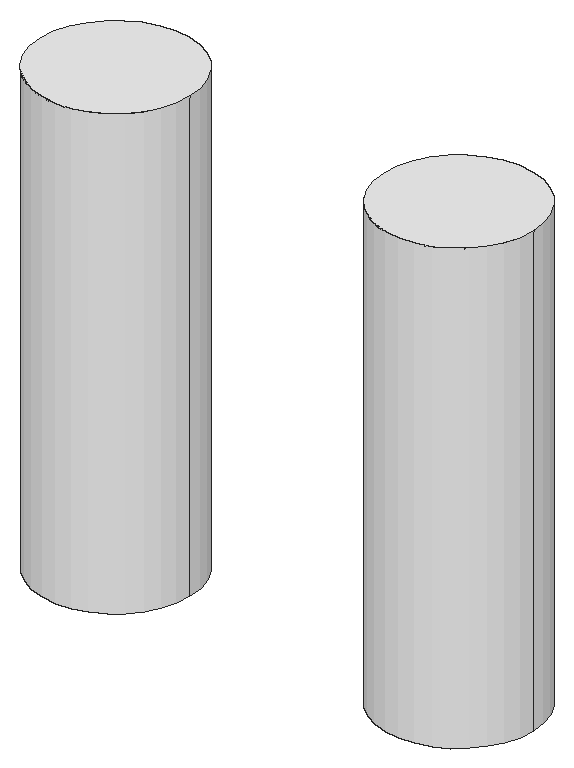
Revit family "45012283", category Plumbing Fixtures, Revit 2018
Family settings
  Round Connector Dimension = Use Diameter
  Part Type = Normal
  OmniClass Number = 23.45.55.00
  OmniClass Title = Sanitary Faucets, Wastes
  Work Plane-Based = No
  Always vertical = Yes
  Cut with Voids When Loaded = No
  Shared = No
  Room Calculation Point = No
Parameters (values of type "45012283 Washbasin faucet ")
  WorkingPressure = "50 - 1000 kPa"
  Working Pressure = "50 - 1000 kPa"
  WarrantyStartDate [instance] = "n/a"
  WarrantyGuarantorParts = "n/a"
  WarrantyGuarantorLabor = "n/a"
  WarrantyDurationUnit = "Year"
  WarrantyDurationParts = "n/a"
  WarrantyDurationLabor = "n/a"
  WarrantyDescription = "http://warranty.hansa.com"
  Warranty Information URL = "http://warranty.hansa.com"
  VersionDate = "01/07/2022"
  Version = "3"  # constant formula
  ValvePattern = "n/a"
  ValveOperation = "n/a"
  ValveMechanism = "n/a"
  Uniclass2015Reference = "Pr_40_20_87_96"
  Uniclass2015Description = "Washbasin manual water supply sets"
  Uniclass2 = "Pr_40_30_96_96"
  URL REACH = "http://static.hansa.com/doc/reach"
  URL Declaration of Conformity = "http://static.hansa.com/DoC/45012283"
  URL DVGW = "http://static.hansa.com/DVGW/45012283"
  URL ABP = "http://static.hansa.com/ABP/45012283"
  URL = ""
  UNSPSC Class Number = "30181700 Faucets or taps"
  TestPressure = "n/a"
  Temperature Adjustments = "Limitation option for maximum temperature and flow-rate ;Adjustable hot water stop (included, retrofittable)"
  Technical DataSheet URL = "http://www.hansa.com/datasheet/45012283/en"
  TagNumber [instance] = "n/a"
  SustainabilityPerformance = "n/a"
  Surface treatment = "Chrome"
  Spout Type = "Fixed spout"
  Spout Projection = "115 mm"
  Spare-Part Information URL = "http://static.hansa.com/sp/45012283"
  Size = "50x169x165 mm"
  Shape = "Sculptured"
  SerialNumber [instance] = "n/a"
  Sales Package dimensions (LxWxH) = "380 x 180 x 74"
  Revision = "2"  # constant formula
  ReplacementCost = "n/a"
  ProductInformation = "n/a"
  Product URL = "http://static.hansa.com/45012283"
  Product Image URL = "http://static.hansa.com/image/45012283"
  Product Family = "HANSAPINTO XL"
  Product Code = "45012283"
  OperatingMechanismMaterial = "n/a"
  NominalWidth = 50 mm
  NominalHeight = 165 mm
  NominalDepth = 168.5 mm
  Noise Class = "I (ISO 3822)"
  Name_en = "45012283 Washbasin faucet"
  Name = "45012283 Washbasin faucet"
  NBSReference = "45-35-70/371"
  NBSDescription = "Water supply fittings for wash basins and troughs"
  Mounting Holes = "1 hole"
  ModelReference = "45012283"
  ModelNumber = "n/a"
  Model = "45012283 Washbasin faucet"
  Mobile Product Information URL = "http://mpi.hansa.com/45012283"
  Mechanical Parts = "ø 40 mm ceramic cartridge for flow and temperature control"
  Max. Hot Water Supply = 70 °C
  Material = "Brass"
  Market = "Austria;Belgium;Czech Republic;Germany;Spain;France;International;Italy;Netherlands;Slovakia"
  ManufacturerURL = "http://www.hansa.com"
  ManufacturerName = "HANSA"
  Manufacturer = "HANSA"
  Lever Handle = "Hot/Cold symbols;Single operating lever/handle"
  Keynote = ""
  Interactive AR View URL = "https://static.hansa.com/AR/45012283"
  InstallationDate [instance] = "n/a"
  Installation and Maintenance Guide URL = "http://static.hansa.com/manual/45012283"
  Installation Type = "Deck mounted"
  InletConnectionSize = 10 mm
  IfcExportType = "FAUCET"  # constant formula
  IfcExportAs = "IfcValveType"  # constant formula
  Group = "Washbasin faucet"
  Grade = "n/a"
  FlowCoefficient = 0
  Flow Rate At 300kPa With Flow Controller = 0.1 L/s
  Flow Drawing URL = "http://static.hansa.com/flowchart/45012283"
  Finish = "Polished"
  Features = "Single-lever"
  FaucetMainMaterial = Brass
  FDV Document URL = "http://www.hansa.com/datasheet/45012283/en/fdv"
  Extensions = "Pop-up waste with draw-rod"
  ExpectedLife = "n/a"
  ETIM Class Number = "EC011328 Washbasin mixing tap"
  EN Standard = "EN 817"
  EAN Number = "4057304005596"
  DurationUnit = "Year"
  Dimension Drawing URL = "http://static.hansa.com/dimdrw/45012283"
  Description = ""
  DefaultElevation [instance] = 900 mm
  Constituents = "n/a"
  Connection Size = "G3/8"
  Connection = "Flexible inlet pipes"
  Color = "Chrome"
  CodePerformance = "n/a"
  CloseOffRating = 0
  Category = "Bathroom"
  Catalog Drawing URL = "http://static.hansa.com/catdrw/45012283"
  Brand = "HANSA"
  BodyMaterial = "Brass"
  Barcode [instance] = "n/a"
  Backflow Prevention EN1717 = "AA"
  BIMObjectName = "45012283"
  Author = "BIMStone"
  AssetType = "Fixed"
  AssetIdentifier [instance] = "n/a"
  Approval DVGW = "DW-6506CS0561"
  Approval ABP = "P-IX 29684/IA"
  Aerator = "PCA® - constant flow rate regardless of pressure variations;Standard aerator"
  Advanced Features = "3S-installation system for safe and simple mounting;Inner body made of DZR brass"
  AccessibilityPerformance = "n/a"
  3D View = "https://static.hansa.com/3D/45012283"
  2D/3D/BIM Files URL = "http://static.hansa.com/bim/45012283"
Reference planes
  plane 1 "Center (Front/Back)": y = 0
  plane 2: z = 0
  plane 3 "Center (Left/Right)": x = 0
  plane 4: x = -25
  plane 5: z = 900
  plane 6: z = 870
  plane 7: y = -168.5
  plane 8: x = 25
  plane 9: z = 1065
Forms (mm)
  Extrusion 1, solid, material "Brass" <- "FaucetMainMaterial"
    sketch origin (0, -17.801, 0) x (1, 0, 0) y (0, 1, 0)
      loop
        circle (-11.5, -22.5) r 5
      loop
        circle (11.5, -22.5) r 5
    from 870 to 900
Dimensions and locks
  "DefaultElevation": plane 5 to level
  locked: plane 5 to plane 6 at 30
  "NominalDepth": plane 7 to plane 1 "Center (Front/Back)"
  equal spacing: plane 4, plane 3 "Center (Left/Right)", plane 8
  "NominalHeight": plane 9 to plane 5
  "NominalWidth": plane 4 to plane 8
  "InletConnectionSize": diameter of Extrusion 1 sketch curve  (x2)
  aligned and locked: level to plane 2
  aligned and locked: plane 5 to Extrusion 1
  aligned and locked: Extrusion 1 to plane 6
  aligned and locked: nested 2 to plane 5
Automatic sketch dimensions
  Extrusion 1 sketch curve to plane 3 "Center (Left/Right)" = 11.5 mm
  plane 3 "Center (Left/Right)" to Extrusion 1 sketch curve = 11.5 mm
  plane 1 "Center (Front/Back)" to Extrusion 1 sketch curve = 40.301 mm  (x2)
Nested families
  nested 1: "Symbol" at (0, 0, 0), type "Symbol", detail levels coarse
  nested 2: "45012283_p" at (0, 0, 900), Material <- "FaucetMainMaterial", type "45012283_p"
    with Material Brass
Connectors
  piping at (-11.5, -40.301, 870), diameter 10, driven by "InletConnectionSize"
    settings: on Extrusion 1, index 1, connector inside diameter 609.6 mm, connector length 0 mm, flow factor 0, pipe flow 0.1 L/s, pressure drop 0.0 Pa, fitting loss kfactor 0, connector angle 0.00°, fixture units 0, engagement length 0 mm, angle of deflection 0.00°, flow configuration 1, flow direction 1, fitting loss method 0, system type 19, joint type 0, gender type 0, connector reference index -1, connector utility 0, adjustable connector no, is connector primary yes, connector description ""
  piping at (11.5, -40.301, 870), diameter 10, driven by "InletConnectionSize"
    settings: on Extrusion 1, index 2, connector inside diameter 609.6 mm, connector length 0 mm, flow factor 0, pipe flow 0.1 L/s, pressure drop 0.0 Pa, fitting loss kfactor 0, connector angle 0.00°, fixture units 0, engagement length 0 mm, angle of deflection 0.00°, flow configuration 1, flow direction 1, fitting loss method 0, system type 20, joint type 0, gender type 0, connector reference index -1, connector utility 0, adjustable connector no, is connector primary no, connector description ""
Definition of nested family "Symbol"
  Reference planes
    plane 1: y = 0
    plane 2: x = 0
  Lines and regions (mm)
    detail lines
      curve 1: line (0, 0, 0) -> (0, -1.8, 0)
      curve 2: line (-0.4, -1.1, 0) -> (0.4, -1.1, 0)
      curve 3: line (-0.4, -1.4, 0) -> (0.4, -1.4, 0)
      curve 4: line (0.863, 0, 0) -> (-0.863, 0, 0)
      curve 5: circle (-1.163, 0, 0) r 0.3 normal (0, 0, -1)
      curve 6: circle (1.163, 0, 0) r 0.3 normal (0, 0, 1)
Definition of nested family "45012283_p"
  Parameters (values of type "45012283_p")
    Material [instance] = none
  Reference planes
    plane 1 "Center (Front/Back)": y = 0
    plane 2: z = 0
    plane 3 "Center (Left/Right)": x = 0
    plane 4: x = 25
    plane 5: x = -25
    plane 6: z = 165
    plane 7: y = -168.377
  Forms (mm)
    Revolve 1, solid, material <- "Material", detail levels medium
      sketch origin (0, 0, 0) x (0, 1, 0) y (0, 0, 1)
        loop
          line (-15.596, -17.308) -> (-22.043, 167.295) -> (-46.143, 167.295) -> (-39.696, -17.308) -> (-15.596, -17.308)
        axis (-39.667, -18.148) -> (-46.143, 167.295)
      angle from 0 to 360
    Extrusion 2, void
      sketch origin (0, 0, 0) x (0, 1, 0) y (0, 0, 1)
        loop
          line (-7.751, 0) -> (-82.751, 0) -> (-82.751, -35) -> (-7.751, -35) -> (-7.751, 0)
      from -42.552 to 49.084
    Extrusion 3, solid, material <- "Material", detail levels medium
      sketch origin (0, 0, 20.012) x (0, 1, 0) y (0, 0, 1)
        loop
          line (-52.128, 100.109) -> (-166.447, 96.117)
          arc (-166.447, 96.117) -> (-167.952, 95.35) -> (-168.333, 93.703) r 2
          arc (-168.333, 93.703) -> (-166.83, 88.277) -> (-164.672, 83.077) r 45.832
          arc (-164.672, 83.077) -> (-164.422, 82.73) -> (-164.07, 82.486) r 1.263
          arc (-164.07, 82.486) -> (-152.761, 78.464) -> (-140.901, 76.617) r 64.206
          arc (-140.901, 76.617) -> (-139.509, 76.547) -> (-138.115, 76.508) r 64.206
          line (-138.115, 76.508) -> (-51.304, 76.508) -> (-52.128, 100.109)
      from -20 to 20
    Extrusion 4, solid, material <- "Material", detail levels medium
      sketch origin (0, 0, 0) x (1, 0, 0) y (0, 1, 0)
        loop
          arc (-13.829, -122.582) -> (-10.237, -130.408) -> (-2.372, -133.915) r 12.206
          arc (-2.372, -133.915) -> (0, -133.985) -> (2.372, -133.915) r 40.249
          arc (2.372, -133.915) -> (10.237, -130.408) -> (13.829, -122.582) r 12.206
          line (13.829, -122.582) -> (19.676, -38.964) -> (-19.676, -38.964) -> (-13.829, -122.582)
      from 157.001 to 165
    Extrusion 5, void
      sketch origin (0, 0, 0) x (0, 1, 0) y (0, 0, 1)
        loop
          line (-13.885, 165) -> (-13.885, 182) -> (-78.885, 182) -> (-78.885, 165) -> (-13.885, 165)
      from -47.108 to 70.007
    Extrusion 6, solid, material <- "Material", detail levels medium
      sketch origin (0, 0, 0) x (0, 1, 0) y (0, 0, 1)
        loop
          line (-21.646, 44.629) -> (-20.691, 17.285) -> (-15.182, 17.864) -> (-11.701, 35.306)
          arc (-11.701, 35.306) -> (-10.749, 36.974) -> (-8.986, 37.738) r 3.038
          line (-8.986, 37.738) -> (-3.047, 38.257)
          arc (-3.047, 38.257) -> (-1.378, 38.992) -> (-0.501, 40.591) r 2.837
          line (-0.501, 40.591) -> (0.011, 43.494) -> (-21.646, 44.629)
      from -5 to 5
    Revolve 7, solid, material <- "Material", detail levels medium
      sketch origin (0, 0, 20.012) x (0, 1, 0) y (0, 0, 1)
        loop
          line (-143.685, 69.022) -> (-139.86, 78.489) -> (-151.025, 83) -> (-154.771, 73.728) -> (-143.685, 69.022)
        axis (-151.025, 83) -> (-154.85, 73.533)
      angle from 0 to 360
    Extrusion 8, solid, material <- "Material", detail levels coarse
      sketch origin (0, 0, 0) x (0, 1, 0) y (0, 0, 1)
        loop
          line (-168.377, 0) -> (0, 0) -> (0, 165) -> (-168.377, 165) -> (-168.377, 0)
      from -25 to 25
  Cuts and joins
    Extrusion 2, Extrusion 5 cuts Revolve 1
    Extrusion 5 cuts Extrusion 4
    joined: Revolve 1, Extrusion 3, Extrusion 4, Extrusion 6, Revolve 7
  Lines and regions (mm)
    symbolic lines, detail levels medium+fine
      curve 1: line (0, -16.2, 0) -> (0, -64.401, 0)
      curve 2: line (0, -16.2, 0) -> (0, -16.818, 17.692)
      curve 3: line (0, -64.401, 0) -> (0, -66.911, 71.862)
      curve 4: line (0, -91.459, 95.986) -> (0, -137.8, 96.795)
      curve 5: arc (0, -66.911, 71.862) -> (0, -74.373, 88.821) -> (0, -91.459, 95.986) r 25
      curve 6: line (0, -20.443, 121.491) -> (0, -22.721, 121.411)
      curve 7: arc (0, -19.869, 127.396) -> (0, -20.631, 140.548) -> (0, -23.129, 153.483) r 99.197
      curve 8: arc (0, -68.865, 138.71) -> (0, -69.422, 130.498) -> (0, -69.497, 122.268) r 140.16
      curve 9: line (0, -19.869, 127.396) -> (0, -23.132, 127.282)
      curve 13: line (0, -22.721, 121.411) -> (0, -23.132, 127.282)
      curve 14: line (0, -66.321, 122.378) -> (0, -66.321, 119.889)
      curve 15: arc (0, -137.8, 96.795) -> (0, -139.194, 96.834) -> (0, -140.587, 96.904) r 64.206
      curve 16: arc (0, -163.756, 102.773) -> (0, -164.107, 103.016) -> (0, -164.358, 103.363) r 1.263
      curve 17: arc (0, -164.358, 103.363) -> (0, -166.515, 108.564) -> (0, -168.019, 113.99) r 45.832
      curve 18: arc (0, -166.132, 116.403) -> (0, -167.638, 115.636) -> (0, -168.019, 113.99) r 2
      curve 19: line (0, -143.708, 89.179) -> (0, -140.587, 96.904)
      curve 20: line (0, -165.803, 98.107) -> (0, -163.889, 102.845)
      curve 21: line (0, -165.803, 98.107) -> (0, -143.708, 89.179)
      curve 22: line (0, -17.752, 44.425) -> (0, 0.011, 43.494)
      curve 23: line (0, -16.818, 17.692) -> (0, -15.182, 17.864)
      curve 24: line (0, -15.182, 17.864) -> (0, -11.701, 35.306)
      curve 25: line (0, -0.501, 40.591) -> (0, 0.011, 43.494)
      curve 26: line (0, -3.047, 38.257) -> (0, -8.986, 37.738)
      curve 27: arc (0, -8.986, 37.738) -> (0, -10.749, 36.974) -> (0, -11.701, 35.306) r 3.038
      curve 28: arc (0, -3.047, 38.257) -> (0, -1.378, 38.992) -> (0, -0.501, 40.591) r 2.837
      curve 30: line (0, -17.752, 44.425) -> (0, -20.443, 121.491)
      curve 32: line (0, -66.321, 119.889) -> (0, -166.132, 116.403)
      curve 33: line (0, -66.321, 122.378) -> (0, -69.497, 122.268)
      curve 36: line (0, 0, 0) -> (-24.1, 0, 0)
      curve 37: line (-24.1, 0, 0) -> (-24.1, 0, 116.074)
      curve 38: arc (-25, 0, 122.827) -> (-22.82, 0, 143.023) -> (-16.415, 0, 162.3) r 95.437
      curve 39: arc (-16.415, 0, 162.3) -> (-15.229, 0, 163.736) -> (-13.481, 0, 164.383) r 3.583
      curve 40: line (-23.019, 0, 120.845) -> (-21.816, 0, 120.845)
      curve 41: line (-22.067, 0, 118.107) -> (-21.816, 0, 118.107)
      curve 42: line (-21.816, 0, 120.845) -> (-21.816, 0, 118.107)
      curve 43: arc (-24.1, 0, 116.074) -> (-23.505, 0, 117.511) -> (-22.067, 0, 118.107) r 2.033
      curve 44: arc (-23.019, 0, 120.845) -> (-24.421, 0, 121.426) -> (-25, 0, 122.827) r 1.981
      curve 53: arc (25, 0, 122.827) -> (22.82, 0, 143.023) -> (16.415, 0, 162.3) r 95.437
      curve 54: arc (16.415, 0, 162.3) -> (15.229, 0, 163.736) -> (13.481, 0, 164.383) r 3.583
      curve 55: arc (23.019, 0, 120.845) -> (24.421, 0, 121.426) -> (25, 0, 122.827) r 1.981
      curve 56: line (22.067, 0, 118.107) -> (21.816, 0, 118.107)
      curve 57: line (21.816, 0, 120.845) -> (21.816, 0, 118.107)
      curve 58: line (0, 0, 0) -> (24.1, 0, 0)
      curve 59: line (24.1, 0, 0) -> (24.1, 0, 116.074)
      curve 60: arc (24.1, 0, 116.074) -> (23.505, 0, 117.511) -> (22.067, 0, 118.107) r 2.033
      curve 65: line (21.816, 0, 120.845) -> (23.019, 0, 120.845)
      curve 67: line (-18.07, -156.246, 0) -> (-22.562, -54.848, 0)
      curve 68: line (0, -168.377, 0) -> (-5.39, -168.377, 0)
      curve 69: arc (-5.39, -168.377, 0) -> (-14.164, -164.856, 0) -> (-18.07, -156.246, 0) r 12.692
      curve 70: line (-5.304, -16.792, 0) -> (-4.796, -2.24, 0)
      curve 71: arc (-3.244, -0.364, 0) -> (-0.056, 0, 0) -> (3.134, -0.342, 0) r 14.589
      curve 72: arc (-4.796, -2.24, 0) -> (-4.339, -1.038, 0) -> (-3.244, -0.364, 0) r 1.996
      curve 78: arc (-21.528, -28.845, 0) -> (-24.736, -39.101, 0) -> (-24.276, -49.837, 0) r 31.213
      curve 79: arc (-24.276, -49.837, 0) -> (-23.41, -52.821, 0) -> (-22.154, -55.664, 0) r 23.321
      curve 80: arc (-5.304, -16.792, 0) -> (-14.813, -20.937, 0) -> (-21.528, -28.845, 0) r 22.964
      curve 83: line (18.07, -156.246, 0) -> (22.562, -54.848, 0)
      curve 84: line (0, -168.377, 0) -> (5.39, -168.377, 0)
      curve 85: arc (5.39, -168.377, 0) -> (14.164, -164.856, 0) -> (18.07, -156.246, 0) r 12.692
      curve 86: line (5.304, -16.792, 0) -> (4.796, -2.24, 0)
      curve 87: arc (4.796, -2.24, 0) -> (4.303, -0.996, 0) -> (3.134, -0.342, 0) r 1.996
      curve 93: arc (21.528, -28.845, 0) -> (24.736, -39.101, 0) -> (24.276, -49.837, 0) r 31.213
      curve 94: arc (24.276, -49.837, 0) -> (23.41, -52.821, 0) -> (22.154, -55.664, 0) r 23.321
      curve 95: arc (5.304, -16.792, 0) -> (14.813, -20.937, 0) -> (21.528, -28.845, 0) r 22.964
      curve 98: arc (-13.481, 0, 164.383) -> (0, 0, 165) -> (13.481, 0, 164.383) r 147.5
      curve 99: arc (0, -25.198, 155.154) -> (0, -78.369, 164.441) -> (0, -132.309, 162.468) r 258.145
      curve 100: arc (0, -132.309, 162.468) -> (0, -133.421, 161.749) -> (0, -133.594, 160.436) r 1.579
      curve 101: arc (0, -133.594, 160.436) -> (0, -132.959, 159.346) -> (0, -131.912, 158.642) r 2.819
      curve 102: arc (0, -131.912, 158.642) -> (0, -128.381, 157.72) -> (0, -124.735, 157.595) r 16.518
      curve 103: arc (0, -124.735, 157.595) -> (0, -100.931, 158.134) -> (0, -77.207, 156.108) r 220.914
      curve 104: arc (0, -77.207, 156.108) -> (0, -73.988, 155.063) -> (0, -71.323, 152.978) r 9.727
      curve 105: arc (0, -71.323, 152.978) -> (0, -70.064, 151.074) -> (0, -69.415, 148.885) r 7.733
      curve 106: arc (0, -69.415, 148.885) -> (0, -68.922, 143.809) -> (0, -68.865, 138.71) r 59.599
      curve 107: arc (0, -23.129, 153.483) -> (0, -23.993, 154.529) -> (0, -25.198, 155.154) r 3.399
    symbolic lines, detail levels fine
      curve 10: line (0, -52.922, 122.843) -> (0, -66.321, 122.378)
      curve 11: arc (0, -38.221, 126.759) -> (0, -42.01, 126.192) -> (0, -45.573, 124.785) r 16.871
      curve 12: arc (0, -45.573, 124.785) -> (0, -49.135, 123.387) -> (0, -52.922, 122.843) r 16.558
      curve 29: line (0, -16.818, 17.692) -> (0, -17.752, 44.425)
      curve 31: line (0, -22.721, 121.411) -> (0, -66.321, 119.889)
      curve 34: line (0, -23.132, 127.282) -> (0, -38.221, 126.759)
      curve 35: arc (0, -140.587, 96.904) -> (0, -152.447, 98.751) -> (0, -163.756, 102.773) r 64.206
      curve 45: circle (0, 0, 138.748) r 5.81 normal (0, -1, 0)
      curve 46: spline (10.777, 0, 91.595) -> (10.41, 0, 92.694) -> (9.333, 0, 93.718) -> (7.621, 0, 94.597) -> (5.389, 0, 95.272) -> (2.789, 0, 95.697) -> (0, 0, 95.841) -> (-2.789, 0, 95.697) -> (-5.389, 0, 95.272) -> (-7.621, 0, 94.597) -> (-9.333, 0, 93.718) -> (-10.41, 0, 92.694) -> (-10.777, 0, 91.595) -> (-10.41, 0, 90.495) -> (-9.333, 0, 89.471) -> (-7.621, 0, 88.592) -> (-5.389, 0, 87.917) -> (-2.789, 0, 87.493) -> (0, 0, 87.348) -> (2.789, 0, 87.493) -> (5.389, 0, 87.917) -> (7.621, 0, 88.592) -> (9.333, 0, 89.471) -> (10.41, 0, 90.495) -> (10.777, 0, 91.595)
      curve 47: line (-10.777, 0, 91.595) -> (-10.777, 0, 98.207)
      curve 48: line (10.777, 0, 91.595) -> (10.777, 0, 98.207)
      curve 49: arc (-10.777, 0, 98.207) -> (0, 0, 100.685) -> (10.777, 0, 98.207) r 24.675
      curve 50: arc (-17.45, 0, 112.652) -> (-0.005, 0, 112.258) -> (17.44, 0, 112.647) r 388.822
      curve 51: line (-24.1, 0, 116.074) -> (-17.45, 0, 112.652)
      curve 52: arc (-10.777, 0, 98.207) -> (-15.541, 0, 104.77) -> (-17.45, 0, 112.652) r 20.912
      curve 61: line (24.1, 0, 116.074) -> (17.44, 0, 112.647)
      curve 62: arc (10.777, 0, 98.207) -> (15.541, 0, 104.77) -> (17.45, 0, 112.652) r 20.912
      curve 63: line (-21.816, 0, 118.107) -> (0, 0, 118.107)
      curve 64: line (-21.816, 0, 120.845) -> (21.816, 0, 120.845)
      curve 66: line (21.816, 0, 118.107) -> (0, 0, 118.107)
      curve 73: line (-13.829, -120.845, 0) -> (-19.555, -38.964, 0)
      curve 74: arc (-2.372, -132.179, 0) -> (-10.237, -128.672, 0) -> (-13.829, -120.845, 0) r 12.206
      curve 75: line (-2.372, -132.179, 0) -> (0, -132.179, 0)
      curve 76: line (0, -22.198, 0) -> (-3.92, -22.198, 0)
      curve 77: arc (-19.555, -38.964, 0) -> (-15.383, -27.182, 0) -> (-3.92, -22.198, 0) r 15.673
      curve 81: arc (0, -16.43, 0) -> (-2.662, -16.458, 0) -> (-5.304, -16.792, 0) r 23.117
      curve 82: arc (-22.154, -55.664, 0) -> (-20.287, -58.654, 0) -> (-17.991, -61.328, 0) r 23.321
      curve 88: line (13.829, -120.845, 0) -> (19.555, -38.964, 0)
      curve 89: arc (2.372, -132.179, 0) -> (10.237, -128.672, 0) -> (13.829, -120.845, 0) r 12.206
      curve 90: line (2.372, -132.179, 0) -> (0, -132.179, 0)
      curve 91: line (0, -22.198, 0) -> (3.92, -22.198, 0)
      curve 92: arc (19.555, -38.964, 0) -> (15.383, -27.182, 0) -> (3.92, -22.198, 0) r 15.673
      curve 96: arc (0, -16.43, 0) -> (2.662, -16.458, 0) -> (5.304, -16.792, 0) r 23.117
      curve 97: arc (22.154, -55.664, 0) -> (20.287, -58.654, 0) -> (17.991, -61.328, 0) r 23.321
  Dimensions and locks
    aligned and locked: level to plane 2
